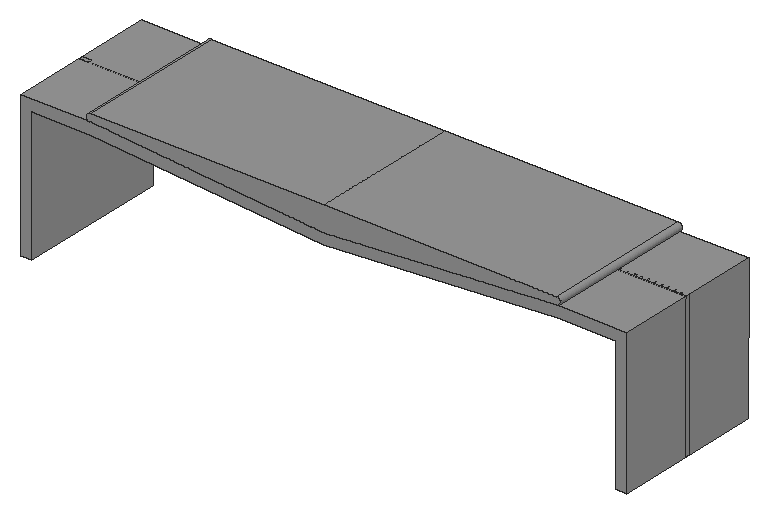
Revit family "DAVID EDWARD COVE BENCH 80 IN", category Furniture, Revit 2015
Reference planes (in)
  plane 1 "Center Front/Back": y = 0
  plane 2: z = 0
  plane 3 "Center Left/Right": x = 0
Forms (in)
  Extrusion 1, solid, material "Wood"
    sketch origin (0, 0, 0) x (1, 0, 0) y (0, 0, 1)
      loop
        line (40, 0) -> (40, 19) -> (30.75, 19)
        arc (30.75, 19) -> (0, 16.75) -> (-30.75, 19) r 211.25
        line (-30.75, 19) -> (-40, 19) -> (-40, 0) -> (-38.5, 0) -> (-38.5, 17.5) -> (-30.85956, 17.5)
        arc (-30.85956, 17.5) -> (0, 15.25) -> (30.85956, 17.5) r 212.75
        line (30.85956, 17.5) -> (38.5, 17.5) -> (38.5, 0) -> (40, 0)
    from 0 to 20
  Extrusion 2, solid, material "Aluminum"
    sketch origin (0, 0, 0) x (1, 0, 0) y (0, 0, 1)
      loop
        line (-40, 0) -> (-39.875, 0) -> (-39.875, 18.875) -> (-30.75, 18.875) -> (-30.75, 19) -> (-40, 19) -> (-40, 0)
      loop
        line (40, 0) -> (40, 19) -> (30.75, 19) -> (30.75, 18.875) -> (39.875, 18.875) -> (39.875, 0) -> (40, 0)
    from 9.75 to 10.25
  Extrusion 3, solid, material "Leather, RED"
    sketch origin (0, 0, 0) x (1, 0, 0) y (0, 0, 1)
      loop
        arc (-30.75, 19) -> (-15.4122, 17.36663) -> (0, 16.75) r 233.37473
        arc (0, 16.75) -> (15.4122, 17.36663) -> (30.75, 19) r 233.37473
        arc (30.75, 19) -> (31.25, 19.5) -> (30.75, 20) r 0.5
        line (30.75, 20) -> (0, 20) -> (-30.75, 20)
        arc (-30.75, 20) -> (-31.25, 19.5) -> (-30.75, 19) r 0.5
    from 0 to 20
  Extrusion 4, solid
    sketch origin (0, 0, 0) x (1, 0, 0) y (0, 0, 1)
      loop
        line (-38.5, 17.5) -> (-38.5, 14.5) -> (38.5, 14.5) -> (38.5, 17.5) -> (30.85956, 17.5)
        arc (30.85956, 17.5) -> (0, 15.25) -> (-30.85956, 17.5) r 212.75
        line (-30.85956, 17.5) -> (-38.5, 17.5)
    from 10.5 to 9.5
Dimensions and locks (in)
  aligned and locked: level to plane 2
